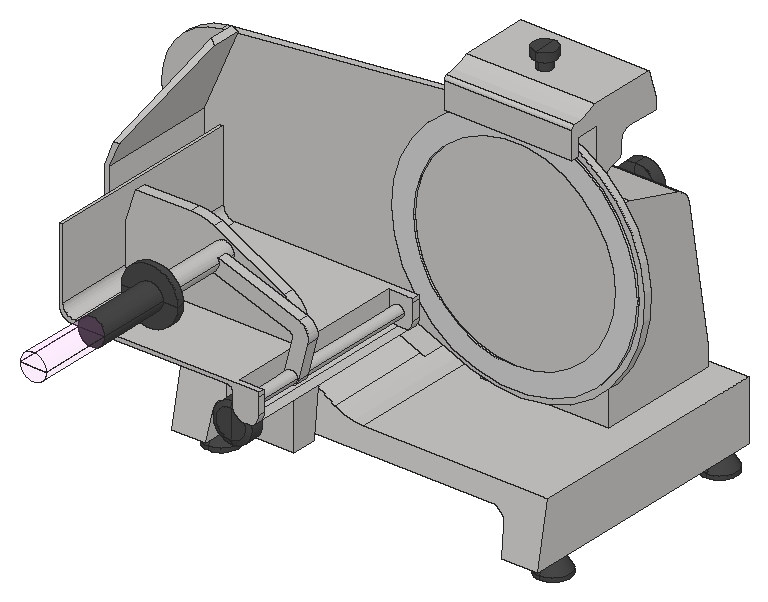
Revit family "QF_ELECTROLUXPROFESSIONAL_601139_MSV30B", category Attrezzature speciali, Revit 2020
Family settings
  Quota connettore circolare = Usa diametro
  Tipo di parte = Normale
  Basato su piano di lavoro = No
  Sempre verticale = Sì
  Taglio con vuoti quando caricato = No
  Condiviso = No
  Punto di calcolo locali = No
Parameters (values of type "Standard")
  Weight = 46.00 kg
  Watts = 200 W
  Volts = 230 V
  URL Manufacturer = "https://www.electroluxprofessional.com/"
  URL = "https://www.electroluxprofessional.com/"
  Steam Supply Size = 0 mm
  Steam Supply Minimum Pressure = 0.0 Pa
  Steam Supply Maximum Pressure = 0.0 Pa
  Steam Consumption per Hour = 0
  Show Clearance [instance] = yes
  Refrigeration Suction Line Size = 0 mm
  Refrigeration Liquid Line Size = 0 mm
  Refrigerant Compressor Remote = yes
  Prospetto di default = 0 mm
  Produttore = "Electrolux Professional"
  Phase = 1
  Modello = "MSV30B"
  Length Actual = 650 mm  # constant formula
  Item Number = "601139"
  Hot Water Size = 0 mm
  Height Actual = 540 mm  # constant formula
  HP = "0.3 HP"
  Gas Size = 0 mm
  Gas KW = 0
  Gas Input Pressure = 0 W
  Direct Waste Size = 0 mm
  Descrizione = "VERTICAL SLICER 300 MM BELT TRANSMISSION"
  Depth Actual = 630 mm  # constant formula
  Cycle = 50 Hz
  Condensate Return Size = 0 mm
  Compressed Air Volume = 0.0 L/s
  Compressed Air Size = 0 mm
  Compressed Air Pressure = 0.0 Pa
  Cold Water Size = 0 mm
  Accessory = yes
Reference planes
  plane 1 "Back": y = 0
  plane 2: z = 0
  plane 3 "Left": x = 0
  plane 4: y = -340
  plane 5 "right": x = 650
  plane 6: z = 540
  plane 7: y = -630
  plane 8: x = 337.95
Forms (mm)
  Extrusion 1, solid, material "QF_Finishes_Stainless Steel"
    sketch origin (472.742, 40.349, 221.356) x (0, 0.866025, 0.5) y (0, -0.5, 0.866025)
      loop
        line (-6.001, 341.922) -> (-85.226, 387.663)
        arc (-85.226, 387.663) -> (-102.598, 388.508) -> (-119.058, 394.13) r 62.218
        arc (-119.058, 394.13) -> (-122.744, 394.463) -> (-125.649, 392.17) r 5
        line (-125.649, 392.17) -> (-143.406, 361.416) -> (-134.745, 356.416) -> (-123.179, 376.45) -> (-95.977, 360.746) -> (-142.655, 279.897) -> (-148.556, 234.168) -> (-124.065, 276.586) -> (-116.422, 292.977)
        arc (-116.422, 292.977) -> (-111.186, 297.99) -> (-103.939, 298.148) r 10
        line (-103.939, 298.148) -> (-94.577, 294.741)
        arc (-94.577, 294.741) -> (-89.788, 294.741) -> (-86.12, 297.818) r 7
        line (-86.12, 297.818) -> (-80.403, 307.721)
        arc (-80.403, 307.721) -> (-71.295, 314.71) -> (-59.913, 313.211) r 15
        line (-59.913, 313.211) -> (-22.162, 291.416) -> (-14.662, 304.406) -> (-6.001, 341.922)
    from -74.596 to 97.258
  Revolve 2, solid, material "QF_Finishes_Black"
    sketch origin (480.45, 40.349, 226.356) x (0, 0.866025, 0.5) y (0, -0.5, 0.866025)
      loop
        line (-62.514, 369.39) -> (-54.236, 364.611) -> (-47.279, 376.661) -> (-42.006, 373.617) -> (-36.464, 383.217) -> (-50.014, 391.041) -> (-62.514, 369.39)
      axis (-62.514, 369.39) -> (-50.014, 391.041)
    angle from 0 to 360
  Extrusion 3, solid, material "QF_Finishes_Stainless Steel"
    sketch origin (442.95, -25.751, 94.604) x (0, 1, 0) y (0, 0, 1)
      loop
        line (-60.798, 251.81) -> (-141.777, 276.568) -> (-171.777, 276.568) -> (-177.679, 270.666) -> (-177.679, 18.784) -> (-10.549, 18.784) -> (-10.549, 45.445) -> (-43.487, 232.243)
        arc (-43.487, 232.243) -> (-49.383, 244.468) -> (-60.798, 251.81) r 25
    from -44.805 to 127.05
  Extrusion 4, solid, material "QF_Finishes_Stainless Steel"
    sketch origin (177.95, 39.299, 187.61) x (0, 0.866025, 0.5) y (0, -0.5, 0.866025)
      loop
        line (-403.57, 253.44) -> (-409.082, 243.893) -> (-400.162, 230.157)
        arc (-400.162, 230.157) -> (-393.722, 209.419) -> (-399.068, 188.372) r 40
        line (-399.068, 188.372) -> (-435.778, 124.788) -> (-407.458, 108.437) -> (-361.438, 171.777)
        arc (-361.438, 171.777) -> (-355.856, 176.983) -> (-348.731, 179.718) r 20
        line (-348.731, 179.718) -> (-340.026, 181.253)
        arc (-340.026, 181.253) -> (-332.901, 183.988) -> (-327.319, 189.193) r 20
        line (-327.319, 189.193) -> (-316.968, 203.44) -> (-403.57, 253.44)
    from 36.737 to 127.05
  Extrusion 5, solid, material "QF_Finishes_Stainless Steel"
    sketch origin (-905.725, -99.047, 197.511) x (1, 0, 0) y (0, 0, 1)
      loop
        line (956.623, 137.799) -> (956.623, 15.604) -> (963.105, 15.604) -> (963.105, 138.285) -> (1008.998, 246.401) -> (999.925, 250.606) -> (956.623, 137.799)
    from 143.159 to 301.442
  Extrusion 6, solid, material "QF_Finishes_Stainless Steel"
    sketch origin (-719.55, -231.405, 209.061) x (1, 0, 0) y (0, 0, 1)
      loop
        line (813.75, 0) -> (1024.914, 0)
        arc (1024.914, 0) -> (1029.864, -2.05) -> (1031.914, -7) r 7
        line (1031.914, -7) -> (1031.914, -23.463)
        arc (1031.914, -23.463) -> (1036.308, -34.07) -> (1046.914, -38.463) r 15
        line (1046.914, -38.463) -> (1051.914, -38.463)
        arc (1051.914, -38.463) -> (1062.521, -34.07) -> (1066.914, -23.463) r 15
        line (1066.914, -23.463) -> (1066.914, 0) -> (1066.914, 5) -> (818.75, 5)
        arc (818.75, 5) -> (808.143, 9.393) -> (803.75, 20) r 15
        line (803.75, 20) -> (803.75, 115) -> (798.75, 115) -> (798.75, 15)
        arc (798.75, 15) -> (803.143, 4.393) -> (813.75, 0) r 15
    from 12.175 to 280.801
  Revolve 7, solid, material "QF_Finishes_Black"
    sketch origin (260.45, -22.9, 57.586) x (0, 1, 0) y (0, 0, 1)
      loop
        line (-377.59, 60.846) -> (-377.59, 72.091) -> (-388.372, 72.091) -> (-388.372, 71.042) -> (-404.299, 71.042) -> (-408.599, 87.091) -> (-424.872, 87.091) -> (-427.59, 80.689) -> (-427.59, 60.846) -> (-377.59, 60.846)
      axis (-377.59, 60.846) -> (-427.59, 60.846)
    angle from 0 to 360
  Extrusion 8, solid, material "QF_Finishes_Stainless Steel"
    sketch origin (-877.05, -231.58, 181.939) x (1, 0, 0) y (0, 0, 1)
      loop
        arc (957.688, 257.034) -> (900.661, 228.218) -> (877.05, 168.847) r 90.162
        line (877.05, 168.847) -> (888.511, 45.111)
        arc (888.511, 45.111) -> (895.731, 29.735) -> (911.109, 22.522) r 25
        line (911.109, 22.522) -> (1060.802, 8.723)
        arc (1060.802, 8.723) -> (1066.842, 5.948) -> (1069.808, 0) r 10
        line (1069.808, 0) -> (1209.817, 0) -> (1291.297, -33.522)
        arc (1291.297, -33.522) -> (1525.438, 102.735) -> (1336.904, 297.267) r 172
        line (1336.904, 297.267) -> (957.688, 257.034)
    from 0 to 10
  Extrusion 9, solid, material "QF_Finishes_Stainless Steel"
    sketch origin (-1054.047, -393.245, 14.354) x (1, 0, 0) y (0, 0, 1)
      loop
        line (1153.07, 310.62) -> (1138.247, 264.999) -> (1138.247, 214.886)
        arc (1138.247, 214.886) -> (1142.64, 204.28) -> (1153.247, 199.886) r 15
        line (1153.247, 199.886) -> (1368.247, 199.886) -> (1370.157, 205.766)
        arc (1370.157, 205.766) -> (1369.197, 233.123) -> (1350.869, 253.457) r 40
        line (1350.869, 253.457) -> (1257.112, 303.226)
        arc (1257.112, 303.226) -> (1242.151, 308.745) -> (1226.314, 310.62) r 67.84
        line (1226.314, 310.62) -> (1153.07, 310.62)
    from 0 to 15
  Extrusion 10, solid, material "QF_Finishes_Stainless Steel"
    sketch origin (-1060.297, -418.245, 16.854) x (1, 0, 0) y (0, 0, 1)
      loop
        arc (1278.158, 286.028) -> (1266.573, 277.917) -> (1274.685, 266.332) r 10
        line (1274.685, 266.332) -> (1386.722, 227.755)
        arc (1386.722, 227.755) -> (1389.5, 225.391) -> (1389.933, 221.769) r 5
        line (1389.933, 221.769) -> (1378.61, 178.209)
        arc (1378.61, 178.209) -> (1385.773, 166.015) -> (1397.967, 173.178) r 10
        line (1397.967, 173.178) -> (1410.392, 220.978)
        arc (1410.392, 220.978) -> (1408.659, 235.465) -> (1397.547, 244.919) r 20
        line (1397.547, 244.919) -> (1278.158, 286.028)
    from 0 to 15
  Revolve 11, solid, material "QF_Finishes_Black"
    sketch origin (-1000.922, -514.495, 292.793) x (1, 0, 0) y (0, 1, 0)
      loop
        line (1235.755, -18.154) -> (1255.755, -18.154) -> (1255.755, -9.574) -> (1217.755, -9.574) -> (1217.755, -115.505) -> (1235.755, -115.505) -> (1235.755, -18.154)
      axis (1217.755, -9.574) -> (1217.755, -115.505)
    angle from 0 to 360
  Revolve 12, solid, material "QF_Finishes_Stainless Steel"
    sketch origin (-1000.922, -388.245, 292.793) x (1, 0, 0) y (0, 1, 0)
      loop
        line (1217.755, -14.742) -> (1217.755, -135.824) -> (1230.755, -135.824) -> (1230.755, -14.742) -> (1217.755, -14.742)
      axis (1217.755, -14.742) -> (1217.755, -135.824)
    angle from 0 to 360
  Extrusion 13, void
    sketch origin (122.95, -2.586, 43.279) x (1, 0, 0) y (0, 0, 1)
      loop
        line (120, 133.652) -> (120, 115.327)
        arc (120, 115.327) -> (133.052, 114.442) -> (145.555, 110.596) r 56.825
        line (145.555, 110.596) -> (202.989, 80.057)
        arc (202.989, 80.057) -> (222.331, 72.633) -> (242.894, 70.108) r 85
        line (242.894, 70.108) -> (492.05, 70.108) -> (492.05, 133.652) -> (120, 133.652)
      loop
        line (45.256, -27.127) -> (444.167, -27.127) -> (440.585, 24.098)
        arc (440.585, 24.098) -> (434.274, 37.329) -> (420.634, 42.702) r 20
        line (420.634, 42.702) -> (68.789, 42.702)
        arc (68.789, 42.702) -> (55.149, 37.329) -> (48.838, 24.098) r 20
        line (48.838, 24.098) -> (45.256, -27.127)
    from -20.736 to 407.59
  Revolve 14, solid, material "QF_Finishes_Black"
    sketch origin (145.45, -2.434, 31.651) x (0, 1, 0) y (0, 0, 1)
      loop
        line (-20, 0) -> (-20, -31.651) -> (2.5, -31.651) -> (2.5, -26.651) -> (-10, -5) -> (-10, 0) -> (-20, 0)
      axis (-20, -31.651) -> (-20, 0)
    angle from 0 to 360
  Revolve 15, solid, material "QF_Finishes_Black"
    sketch origin (145.45, -342.434, 31.651) x (0, -1, 0) y (0, 0, -1)
      loop
        line (-20, 0) -> (-10, 0) -> (-10, 5) -> (2.5, 26.651) -> (2.5, 31.651) -> (-20, 31.651) -> (-20, 0)
      axis (-20, 31.651) -> (-20, 0)
    angle from 0 to 360
  Revolve 16, solid, material "QF_Finishes_Black"
    sketch origin (-891.106, -280.001, -24.835) x (1, 0, 0) y (0, 0, 1)
      loop
        line (1014.056, 171) -> (1011.556, 171) -> (1002.782, 157.226) -> (1002.782, 155.22) -> (999.669, 150.775) -> (999.669, 149.212) -> (995.281, 149.212) -> (995.281, 133) -> (1014.056, 133) -> (1014.056, 171)
      axis (995.281, 133) -> (1014.056, 133)
    angle from 0 to 360
  Extrusion 17, solid, material "QF_Finishes_Black"
    sketch origin (-891.106, -2.434, 44.151) x (0, 1, 0) y (0, 0, 1)
      loop
        line (-288.697, 82.907) -> (-296.745, 74.859) -> (-299.691, 63.865) -> (-296.745, 52.871) -> (-288.697, 44.823) -> (-277.704, 41.877) -> (-266.71, 44.823) -> (-258.662, 52.871) -> (-255.716, 63.865) -> (-258.662, 74.859) -> (-266.71, 82.907) -> (-277.704, 85.852) -> (-288.697, 82.907)
    from 975.281 to 995.281
  Extrusion 18, solid, material "QF_Finishes_Stainless Steel"
    sketch origin (122.95, -2.822, 35.311) x (0, 1, 0) y (0, 0, 1)
      loop
        line (2.822, -3.66) -> (-4.139, 75.902)
        arc (-4.139, 75.902) -> (-7.345, 82.403) -> (-14.101, 85.031) r 10
        line (-14.101, 85.031) -> (-212.017, 85.031) -> (-218.593, 118.863)
        arc (-218.593, 118.863) -> (-222.049, 124.671) -> (-228.409, 126.955) r 10
        line (-228.409, 126.955) -> (-339.677, 126.955)
        arc (-339.677, 126.955) -> (-345.97, 124.727) -> (-349.458, 119.034) r 10
        line (-349.458, 119.034) -> (-375.537, -3.66) -> (2.822, -3.66)
    from 0 to 492.05
  Revolve 19, solid, material "QF_Finishes_Black"
    sketch origin (590.517, -22.434, 31.651) x (0, 1, 0) y (0, 0, -1)
      loop
        line (-20, 0) -> (-10, 0) -> (-10, 5) -> (2.5, 26.651) -> (2.5, 31.651) -> (-20, 31.651) -> (-20, 0)
      axis (-20, 31.651) -> (-20, 0)
    angle from 0 to 360
  Revolve 20, solid, material "QF_Finishes_Black"
    sketch origin (590.517, -342.434, 31.651) x (0, -1, 0) y (0, 0, 1)
      loop
        line (-20, 0) -> (-20, -31.651) -> (2.5, -31.651) -> (2.5, -26.651) -> (-10, -5) -> (-10, 0) -> (-20, 0)
      axis (-20, -31.651) -> (-20, 0)
    angle from 0 to 360
  Revolve 21, solid, material "QF_Finishes_Stainless Steel"
    sketch origin (480.259, 28.464, 184.023) x (0, 0.866025, 0.5) y (0, -0.5, 0.866025)
      loop
        line (-109.898, 329.739) -> (-163.134, 237.533) -> (-138.755, 223.458) -> (-118.755, 258.099) -> (-109.898, 329.739)
      axis (-138.755, 223.458) -> (-163.134, 237.533)
    angle from 0 to 360
  Extrusion 22, solid, material "QF_Finishes_Handrails and Railings"
    sketch origin (-783.491, -233.533, 168.417) x (1, 0, 0) y (0, 0, 1)
      loop
        circle (1259.393, 139.749) r 135.541
      loop
        circle (1259.393, 139.749) r 165.065
    from 8.048 to 10.048
  Extrusion 23, void
    sketch origin (0, 0, 0) x (1, 0, 0) y (0, 0, 1)
      loop
        line (315.364, 220.597) -> (315.364, 185.597)
        arc (315.364, 185.597) -> (318.879, 177.112) -> (327.364, 173.597) r 12
        line (327.364, 173.597) -> (361.421, 173.597)
        arc (361.421, 173.597) -> (369.907, 177.112) -> (373.421, 185.597) r 12
        line (373.421, 185.597) -> (373.421, 220.597) -> (315.364, 220.597)
    from 254.552 to 504.518
  Extrusion 24, solid, material "QF_Finishes_Stainless Steel"
    sketch origin (0, 0, 0) x (1, 0, 0) y (0, 0, 1)
      loop
        circle (327.664, 191.619) r 8
    from 254.552 to 504.518
  Revolve 25, solid, material "QF_Finishes_Black"
    sketch origin (480.471, -454.008, 367.074) x (0, -1, 0) y (0, 0, -1)
      loop
        line (-377.59, 60.846) -> (-377.59, 72.091) -> (-388.372, 72.091) -> (-388.372, 71.042) -> (-404.299, 71.042) -> (-408.599, 87.091) -> (-424.872, 87.091) -> (-427.59, 80.689) -> (-427.59, 60.846) -> (-377.59, 60.846)
      axis (-377.59, 60.846) -> (-427.59, 60.846)
    angle from 0 to 360
  Extrusion 26, solid, material "QF_Finishes_Stainless Steel"
    sketch origin (177.95, 144.642, 164.239) x (0, 0.866025, 0.5) y (0, -0.5, 0.866025)
      loop
        line (-403.57, 253.44) -> (-413.57, 236.12) -> (-326.968, 186.12) -> (-316.968, 203.44) -> (-403.57, 253.44)
    from 14.884 to 65
  Extrusion 27, solid, material "QF_Finishes_Stainless Steel"
    sketch origin (-899.243, -101.53, 197.214) x (1, 0, 0) y (0, 0, 1)
      loop
        line (956.623, 105.232) -> (956.623, 33.143) -> (978.443, 33.143) -> (978.443, 105.232) -> (956.623, 105.232)
    from 170.096 to 243.159
  Extrusion 28, void
    sketch origin (0, 0, 0) x (0, 1, 0) y (0, 0, 1)
      loop
        line (-265.568, 453.949) -> (-265.568, 463.55) -> (-435.568, 463.55) -> (-435.568, 343.55) -> (-265.568, 453.949)
    from 0 to 146.401
  Extrusion 29, void
    sketch origin (-760, 0, 0) x (1, 0, 0) y (0, 1, 0)
      loop
        arc (1122.505, -1.117) -> (1160.404, -17.533) -> (1201.02, -25.023) r 182.809
        line (1201.02, -25.023) -> (1394.564, -25.023) -> (1394.564, 14.977) -> (1122.505, 14.977) -> (1122.505, -1.117)
    from 26.651 to 162.266
  Extrusion 30, solid, material "QF_Finishes_Stainless Steel"
    sketch origin (-151.732, -147.867, 83.982) x (0, 1, 0) y (-1, 0, 0)
      loop
        line (-132.714, -392.404) -> (-132.714, -372.404) -> (-152.714, -372.404) -> (-152.714, -392.404) -> (-132.714, -392.404)
    from 0 to 2
  Revolve 31, solid, material "QF_Finishes_Door Clearance", visible <- "Show Clearance"
    sketch origin (-1000.922, -611.846, 292.793) x (1, 0, 0) y (0, 1, 0)
      loop
        line (1235.755, -18.154) -> (1217.755, -18.154) -> (1217.755, -115.848) -> (1235.755, -115.848) -> (1235.755, -18.154)
      axis (1217.755, -18.154) -> (1217.755, -115.848)
    angle from 0 to 360
Cuts and joins
  Extrusion 23 cuts Extrusion 6
  Extrusion 13, Extrusion 29 cuts Extrusion 18
  joined: Extrusion 9, Extrusion 10, Revolve 12, Extrusion 24
  joined: Extrusion 1, Revolve 21
  Extrusion 28 cuts Extrusion 5
Dimensions and locks
  plane 6 to level = 540 mm  (x2)
  plane 3 "Left" to plane 5 "right" = 650 mm
  plane 1 "Back" to plane 7 = 630 mm
  plane 5 "right" to plane 3 "Left" = 650 mm
  plane 7 to plane 1 "Back" = 630 mm
  aligned and locked: level to plane 2
Nested families
  nested 1: "BOTTONI_AFFETTATRICE - B_W" at (122.95, -60.011, 97.266) x (0, -1, 0) z (-1, 0, 0), type "BOTTONI_AFFETTATRICE - B_W"
Connectors
  electrical at (230.672, -290.58, 83.982)
    settings: on Extrusion 30, index 11, voltage 230 V, apparent load 0 VA, apparent load phase1 0 VA, apparent load phase2 0 VA, apparent load phase3 0 VA, power factor 1, load classification "Altro", number of poles 1, system type 30, power factor state 1, is connector primary yes, connector utility no, sub classification motor no, connector description "EI"
Definition of nested family "BOTTONI_AFFETTATRICE - B_W"
  Parameters
    Default Elevation = 1219.2 mm
  Reference planes
    plane 1 "Centro (Fronte/Retro)": y = 0
    plane 2: z = 0
    plane 3 "Centro (Sinistra/Destra)": x = 0
  Forms (mm)
    Extrusion 1, solid
      sketch origin (0, 0, 0) x (1, 0, 0) y (0, 1, 0)
        loop
          line (-1219.2, 1219.2) -> (-1219.2, -1219.2) -> (1219.2, -1219.2) -> (1219.2, 1219.2) -> (-1219.2, 1219.2)
      from 0 to -304.8
    Extrusion 2, solid
      sketch origin (-44.465, -72.307, 0.362) x (1, 0, 0) y (0, 1, 0)
        loop
          line (21.965, 84.807) -> (21.965, 59.807) -> (66.965, 59.807) -> (66.965, 84.807) -> (21.965, 84.807)
      from -0.362 to 1.638
    Extrusion 3, solid
      sketch origin (-44.465, -72.307, -2.905) x (1, 0, 0) y (0, 1, 0)
        loop
          line (21.965, 84.807) -> (21.965, 59.807) -> (38.371, 59.807) -> (38.371, 84.807) -> (21.965, 84.807)
        loop
          line (50.518, 84.807) -> (50.518, 59.807) -> (66.965, 59.807) -> (66.965, 84.807) -> (50.518, 84.807)
      from 4.905 to 17.905
    Extrusion 4, solid
      sketch origin (-44.465, -72.307, -4) x (1, 0, 0) y (0, 1, 0)
        loop
          line (24.791, 81.807) -> (24.791, 62.807) -> (34.791, 62.807) -> (34.791, 81.807) -> (24.791, 81.807)
      from 6 to 20
    Extrusion 5, solid
      sketch origin (44.465, -72.307, 0) x (-1, 0, 0) y (0, -1, 0)
        loop
          line (24.791, -81.807) -> (34.791, -81.807) -> (34.791, -62.807) -> (24.791, -62.807) -> (24.791, -81.807)
      from 2 to 16
  Dimensions and locks
    aligned and locked: plane 2 to Extrusion 1
    aligned and locked: level to Extrusion 1
